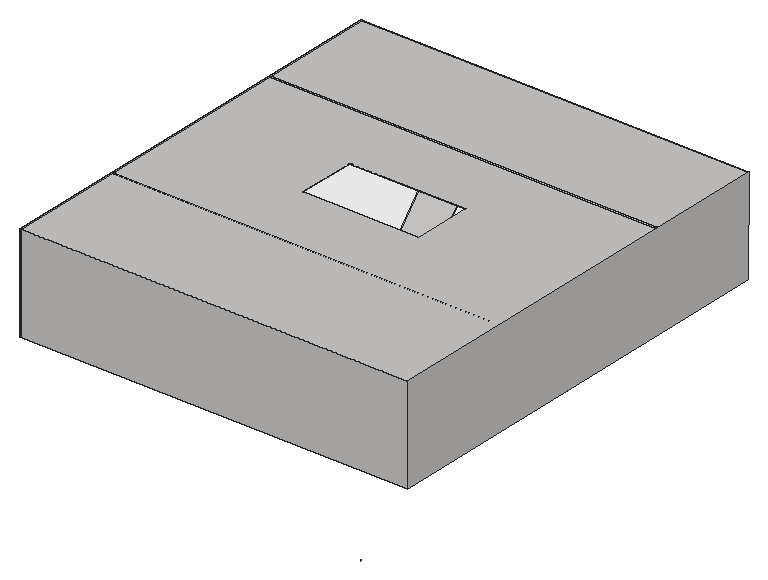
Revit family "QF_ELECTROLUXPROFESSIONAL_642043_EC2220T", category Specialty Equipment, Revit 2014
Reference planes
  plane 1: z = 0
  plane 2 "Center (Left/Right)": x = 150
  plane 3 "LEFT": x = -850
  plane 4 "RIGHT": x = 1150
  plane 5 "BACK": y = 550
  plane 6 "TOP": z = 2500
  plane 7 "Base": z = 2000
  plane 8: z = 1946
  plane 9: x = -847
  plane 10 "DrainX": x = 999
  plane 11 "AOLeft2": x = 450
  plane 12: x = 1147
  plane 13: x = -650
  plane 14: x = 950
  plane 15: x = 50
  plane 16: x = 250
  plane 17 "AOLeft1": x = -150
  plane 18: y = -400
  plane 19: through (0, -127.846, 2402.468) normal (0, -0.753, 0.6581)
  plane 20: through (0, -972.152, 2402.468) normal (0, -0.753, -0.6581)
  plane 21: y = -700
  plane 22 "Center (Front/Back)": y = -550
  plane 23: y = -1650
Forms (mm)
  Extrusion 1, solid, material "QF_Finishes_Stainless Steel"
    sketch origin (-850, 0, 360) x (0, 1, 0) y (0, 0, 1)
      loop
        line (550, 1640) -> (550, 2140) -> (-1650, 2140) -> (-1650, 1640) -> (550, 1640)
    from 0 to 3
  Extrusion 2, solid, material "QF_Finishes_Stainless Steel"
    sketch origin (1150, 0, 360) x (0, 1, 0) y (0, 0, 1)
      loop
        line (550, 1640) -> (550, 2140) -> (-1650, 2140) -> (-1650, 1640) -> (550, 1640)
    from 0 to -3
  Extrusion 3, solid, material "QF_Finishes_Stainless Steel"
    sketch origin (150, 0, 360) x (0, 1, 0) y (0, 0, 1)
      loop
        line (-1650, 2140) -> (-1650, 1640) -> (-1640, 1640) -> (-1640, 1640.8) -> (-1649.2, 1640.8) -> (-1649.2, 2139.19) -> (549.2, 2139.19) -> (549.2, 1640.8) -> (540, 1640.8) -> (540, 1640) -> (550, 1640) -> (550, 2140) -> (-1650, 2140)
    from -1000 to 1000
  Extrusion 4, void
    sketch origin (0, 0, 2500) x (0, 1, 0) y (-1, 0, 0)
      loop
        line (-400, -450) -> (-400, 150) -> (-700, 150) -> (-700, -450) -> (-400, -450)
    from 0 to -10
  Extrusion 5, solid, material "QF_Finishes_Stainless Steel"
    sketch origin (0, 0, 0) x (1, 0, 0) y (0, 1, 0)
      loop
        line (-850, 550) -> (-850, 549) -> (-849, 549) -> (-849, 550) -> (-850, 550)
    from 0 to 1
  Extrusion 6, solid, material "QF_Finishes_Stainless Steel"
    sketch origin (150, -400, 360) x (0, 1, 0) y (0, 0, 1)
      loop
        line (-79.471, 1685.734) -> (-56.882, 1665.992) -> (272.154, 2042.468) -> (249.566, 2062.21) -> (-79.471, 1685.734)
      loop
        line (-572.152, 2042.468) -> (-243.115, 1665.992) -> (-220.526, 1685.734) -> (-549.563, 2062.21) -> (-572.152, 2042.468)
    from -800 to -997
  Extrusion 7, solid, material "QF_Finishes_Stainless Steel"
    sketch origin (150, -400, 360) x (0, 1, 0) y (0, 0, 1)
      loop
        line (360.354, 2141.454) -> (357.903, 2143.511) -> (264.331, 2031.996) -> (266.169, 2030.453) -> (357.41, 2139.19) -> (358.454, 2139.19) -> (360.354, 2141.454)
      loop
        line (-560.354, 2022.279) -> (-557.903, 2024.336) -> (-564.331, 2031.996) -> (-566.169, 2030.453) -> (-657.41, 2139.19) -> (-658.454, 2139.19) -> (-560.354, 2022.279)
      loop
        arc (-83.944, 1704.554) -> (-84.545, 1704.706) -> (-85.077, 1704.389) r 0.81
        line (-85.077, 1704.389) -> (-99.535, 1684.991) -> (-116.611, 1687.002) -> (-113.609, 1712.615) -> (-114.407, 1712.708) -> (-117.406, 1687.095)
        arc (-117.406, 1687.095) -> (-117.237, 1686.499) -> (-116.695, 1686.197) r 0.81
        line (-116.695, 1686.197) -> (-99.628, 1684.196)
        arc (-99.628, 1684.196) -> (-99.213, 1684.257) -> (-98.884, 1684.517) r 0.81
        line (-98.884, 1684.517) -> (-84.436, 1703.911) -> (-73.692, 1695.919) -> (-99.855, 1660.79) -> (-200.145, 1660.79) -> (-226.308, 1695.919) -> (-215.564, 1703.911) -> (-201.116, 1684.517)
        arc (-201.116, 1684.517) -> (-200.787, 1684.257) -> (-200.372, 1684.196) r 0.81
        line (-200.372, 1684.196) -> (-183.305, 1686.197)
        arc (-183.305, 1686.197) -> (-182.763, 1686.499) -> (-182.594, 1687.095) r 0.81
        line (-182.594, 1687.095) -> (-185.593, 1712.708) -> (-186.391, 1712.615) -> (-183.389, 1687.002) -> (-200.465, 1684.991) -> (-214.923, 1704.389)
        arc (-214.923, 1704.389) -> (-215.455, 1704.706) -> (-216.056, 1704.554) r 0.81
        line (-216.056, 1704.554) -> (-226.786, 1696.561)
        arc (-226.786, 1696.561) -> (-227.103, 1696.028) -> (-226.951, 1695.427) r 0.81
        line (-226.951, 1695.427) -> (-200.843, 1660.381)
        arc (-200.843, 1660.381) -> (-200.5, 1660.093) -> (-200.063, 1659.99) r 0.972
        line (-200.063, 1659.99) -> (-99.951, 1659.99)
        arc (-99.951, 1659.99) -> (-99.502, 1660.096) -> (-99.149, 1660.393) r 1
        line (-99.149, 1660.393) -> (-73.049, 1695.427)
        arc (-73.049, 1695.427) -> (-72.897, 1696.028) -> (-73.214, 1696.561) r 0.81
        line (-73.214, 1696.561) -> (-83.944, 1704.554)
    from -997 to 997
  Extrusion 8, solid, material "QF_Finishes_Stainless Steel"
    sketch origin (150, -400, 360) x (0, 1, 0) y (0, 0, 1)
      loop
        line (272.154, 2042.468) -> (249.566, 2062.21) -> (-79.471, 1685.734) -> (-56.882, 1665.992) -> (272.154, 2042.468)
      loop
        line (-572.154, 2042.468) -> (-243.118, 1665.992) -> (-220.529, 1685.734) -> (-549.566, 2062.21) -> (-572.154, 2042.468)
    from 997 to 800
  Extrusion 9, solid, material "QF_Finishes_Stainless Steel"
    sketch origin (150, -400, 360) x (0, 1, 0) y (0, 0, 1)
      loop
        line (272.154, 2042.468) -> (249.566, 2062.21) -> (-79.471, 1685.734) -> (-56.882, 1665.992) -> (272.154, 2042.468)
      loop
        line (-572.154, 2042.468) -> (-243.118, 1665.992) -> (-220.529, 1685.734) -> (-549.566, 2062.21) -> (-572.154, 2042.468)
    from -100 to 100
  Extrusion 10, solid, material "QF_Finished_Chrome"
    sketch origin (150, -400, 360) x (0, 1, 0) y (0, 0, 1)
      loop
        line (249.566, 2062.21) -> (-79.471, 1685.734) -> (-56.882, 1665.992) -> (272.154, 2042.468) -> (249.566, 2062.21)
      loop
        line (-549.566, 2062.21) -> (-572.154, 2042.468) -> (-243.118, 1665.992) -> (-220.529, 1685.734) -> (-549.566, 2062.21)
    from -800 to -100
  Extrusion 11, solid, material "QF_Finished_Chrome"
    sketch origin (150, -400, 360) x (0, 1, 0) y (0, 0, 1)
      loop
        line (272.154, 2042.468) -> (249.566, 2062.21) -> (-79.471, 1685.734) -> (-56.882, 1665.992) -> (272.154, 2042.468)
      loop
        line (-572.154, 2042.468) -> (-243.118, 1665.992) -> (-220.529, 1685.734) -> (-549.566, 2062.21) -> (-572.154, 2042.468)
    from 100 to 800
  Sweep 12, solid, material "QF_Finishes_Stainless Steel"
    path origin (0, 0, 0) x (1, 0, 0) y (0, 1, 0)
      loop
        line (1150, 550) -> (-850, 550) -> (-850, -1650) -> (1150, -1650) -> (1150, 550)
    profile origin (1150, -550, 0) x (1, 0, 0) y (0, 0, 1)
      loop
        line (-3, 2000) -> (-3, 2000.8) -> (-19, 2000.8) -> (-19, 2010) -> (-20, 2010) -> (-20, 2000) -> (-3, 2000)
  Extrusion 13, solid, material "QF_Finishes_Stainless Steel"
    sketch origin (999, 0, 0) x (0, 1, 0) y (0, 0, 1)
      loop
        arc (-518.5, 1946) -> (-511.429, 1948.929) -> (-508.5, 1956) r 10
        line (-508.5, 1956) -> (-508.5, 2000.8) -> (-591.5, 2000.8) -> (-591.5, 1956)
        arc (-591.5, 1956) -> (-588.571, 1948.929) -> (-581.5, 1946) r 10
        line (-581.5, 1946) -> (-518.5, 1946)
    from -90 to 90
  Extrusion 14, solid, material "QF_Finishes_Stainless Steel"
    sketch origin (0, -1100, 2000) x (0, 1, 0) y (-1, 0, 0)
      loop
        circle (550, -999) r 6.35
    from -3.799 to 0
Cuts and joins
  Extrusion 4 cuts Extrusion 3
  joined: Extrusion 2, Extrusion 3, Sweep 12
Lines and regions (mm)
  symbolic lines, style "SpecialityEquipment", detail levels coarse
    curve 1: line (1150, 550, 2500) -> (-850, 550, 2500)
    curve 2: line (-850, 550, 2500) -> (-850, -1640, 2500)
    curve 3: line (1150, -1650, 2500) -> (1150, 550, 2500)
    curve 4: line (-850, 550, 0) -> (1150, -1650, 0)
    curve 5: line (1150, 550, 0) -> (-847, -1650, 0)
  symbolic lines, detail levels coarse
    curve 6: line (-847, -1650, 0) -> (1150, -1650, 0)
    curve 7: line (-150, -700, 0) -> (450, -700, 0)
    curve 8: line (-150, -400, 0) -> (-150, -700, 0)
    curve 9: line (450, -400, 0) -> (-150, -400, 0)
    curve 10: line (450, -700, 0) -> (450, -400, 0)
Dimensions and locks
  plane 3 "LEFT" to plane 4 "RIGHT" = 2000 mm
  equal spacing: plane 3 "LEFT", plane 2 "Center (Left/Right)", plane 4 "RIGHT"
  plane 3 "LEFT" to plane 9 = 3 mm
  plane 10 "DrainX" to plane 4 "RIGHT" = 151 mm
  plane 12 to plane 4 "RIGHT" = 3 mm
  plane 3 "LEFT" to plane 13 = 200 mm
  plane 14 to plane 4 "RIGHT" = 200 mm
  locked: plane 7 "Base" to level at 2000
  locked: plane 15 to plane 16 at 200
  equal spacing: plane 15, plane 2 "Center (Left/Right)", plane 16
  locked: plane 17 "AOLeft1" to plane 11 "AOLeft2" at 600
  plane 7 "Base" to plane 8 = 54 mm
  locked: plane 6 "TOP" to plane 7 "Base" at 500
  plane 5 "BACK" to plane 23 = 2200 mm  (x2)
  equal spacing: plane 5 "BACK", plane 22 "Center (Front/Back)", plane 23
  plane 21 to plane 18 = 300 mm
  equal spacing: plane 21, plane 22 "Center (Front/Back)", plane 18
  equal spacing: plane 17 "AOLeft1", plane 2 "Center (Left/Right)", plane 11 "AOLeft2"
  aligned and locked: level to plane 1
  aligned and locked: plane 4 "RIGHT" to Extrusion 3
  aligned and locked: Extrusion 3 to plane 3 "LEFT"
  aligned and locked: Extrusion 6 to plane 9
  aligned and locked: plane 13 to Extrusion 6
  aligned and locked: Extrusion 2 to plane 12
  aligned and locked: plane 12 to Extrusion 8
  aligned and locked: plane 14 to Extrusion 8
  aligned and locked: plane 16 to Extrusion 9
  aligned and locked: Extrusion 9 to plane 15
  aligned and locked: plane 15 to Extrusion 10
  aligned and locked: Extrusion 10 to plane 13
  aligned and locked: Extrusion 11 to plane 16
  aligned and locked: Extrusion 11 to plane 14
  aligned and locked: Extrusion 7 to plane 9
  aligned and locked: Extrusion 7 to plane 12
  aligned and locked: Extrusion 4 to plane 17 "AOLeft1"
  aligned and locked: Extrusion 4 to plane 11 "AOLeft2"
  aligned and locked: plane 21 to Extrusion 4
  aligned and locked: plane 18 to Extrusion 4
  aligned and locked: curve 7 to Extrusion 4
  aligned and locked: curve 8 to Extrusion 4
  aligned and locked: curve 9 to Extrusion 4
  aligned and locked: curve 10 to Extrusion 4
Automatic sketch dimensions
  Extrusion 1 sketch curve to plane 7 "Base" = 0 mm
  Extrusion 1 sketch curve to plane 5 "BACK" = 0 mm
  Extrusion 1 sketch curve to plane 6 "TOP" = 0 mm
  Extrusion 2 sketch curve to plane 7 "Base" = 0 mm
  Extrusion 2 sketch curve to plane 5 "BACK" = 0 mm
  Extrusion 2 sketch curve to plane 6 "TOP" = 0 mm
  Extrusion 3 sketch curve to plane 6 "TOP" = 0 mm
  Extrusion 3 sketch curve to plane 7 "Base" = 0 mm  (x2)
  Extrusion 3 sketch curve to plane 5 "BACK" = 0 mm
  Extrusion 3 sketch curve to Extrusion 3 sketch curve = 9.2 mm
  plane 7 "Base" to Extrusion 3 sketch curve = 0.8 mm  (x2)
  Extrusion 3 sketch curve to plane 5 "BACK" = 10 mm
  Extrusion 3 sketch curve to plane 5 "BACK" = 0.8 mm
  Extrusion 3 sketch curve to plane 6 "TOP" = 0.81 mm
  Extrusion 4 sketch curve to plane 11 "AOLeft2" = 0 mm
  Extrusion 4 sketch curve to plane 17 "AOLeft1" = 0 mm
  Extrusion 5 sketch curve to plane 3 "LEFT" = 0 mm
  Extrusion 5 sketch curve to plane 5 "BACK" = 0 mm
  plane 3 "LEFT" to Extrusion 5 sketch curve = 1 mm
  Extrusion 5 sketch curve to Extrusion 5 sketch curve = 1 mm
  Sweep 12 sketch curve to plane 3 "LEFT" = 0 mm
  Sweep 12 sketch curve to plane 4 "RIGHT" = 0 mm
  Sweep 12 sketch curve to plane 5 "BACK" = 0 mm
  profile plane to Sweep 12 sketch curve = 20 mm
  Sweep 12 sketch curve to Sweep 12 sketch curve = 1 mm
  profile plane to Sweep 12 sketch curve = 3 mm
  level to Sweep 12 sketch curve = 2000 mm
  Sweep 12 sketch curve to Sweep 12 sketch curve = 0.8 mm
  Sweep 12 sketch curve to Sweep 12 sketch curve = 9.2 mm
  Extrusion 3 sketch curve to Extrusion 3 sketch curve = 0.8 mm
  Extrusion 6 sketch curve to plane 19 = 0 mm  (x2)
  Extrusion 6 sketch curve to plane 6 "TOP" = 77.79 mm  (x2)
  plane 7 "Base" to Extrusion 6 sketch curve = 25.992 mm  (x2)
  plane 7 "Base" to Extrusion 6 sketch curve = 45.734 mm
  Extrusion 6 sketch curve to plane 20 = 0 mm
  plane 20 to Extrusion 6 sketch curve = 0 mm
  Extrusion 10 sketch curve to plane 19 = 0 mm  (x2)
  Extrusion 10 sketch curve to plane 6 "TOP" = 77.79 mm  (x2)
  Extrusion 10 sketch curve to Extrusion 10 sketch curve = 22.589 mm
  plane 7 "Base" to Extrusion 10 sketch curve = 25.992 mm  (x2)
  Extrusion 9 sketch curve to plane 19 = 0 mm  (x2)
  Extrusion 9 sketch curve to plane 6 "TOP" = 77.79 mm  (x2)
  Extrusion 9 sketch curve to Extrusion 9 sketch curve = 22.589 mm
  plane 7 "Base" to Extrusion 9 sketch curve = 25.992 mm  (x2)
  Extrusion 11 sketch curve to plane 19 = 0 mm  (x2)
  Extrusion 11 sketch curve to plane 6 "TOP" = 77.79 mm  (x2)
  Extrusion 11 sketch curve to Extrusion 11 sketch curve = 22.589 mm
  plane 7 "Base" to Extrusion 11 sketch curve = 25.992 mm  (x2)
  Extrusion 8 sketch curve to plane 19 = 0 mm  (x2)
  Extrusion 8 sketch curve to plane 6 "TOP" = 77.79 mm  (x2)
  Extrusion 8 sketch curve to Extrusion 8 sketch curve = 22.589 mm
  plane 7 "Base" to Extrusion 8 sketch curve = 25.992 mm  (x2)
  plane 7 "Base" to Extrusion 8 sketch curve = 45.734 mm
  plane 7 "Base" to Extrusion 9 sketch curve = 45.734 mm
  plane 7 "Base" to Extrusion 10 sketch curve = 45.734 mm
  plane 7 "Base" to Extrusion 11 sketch curve = 45.734 mm
  plane 21 to Extrusion 1 sketch curve = 950 mm
  plane 21 to Extrusion 2 sketch curve = 950 mm
  plane 21 to Extrusion 3 sketch curve = 940 mm
  plane 21 to Sweep 12 sketch curve = 950 mm
  plane 21 to Extrusion 4 sketch curve = 0 mm
  Extrusion 4 sketch curve to plane 18 = 0 mm
  plane 21 to Extrusion 6 sketch curve = 249.563 mm
  Extrusion 8 sketch curve to plane 21 = 79.471 mm
  plane 21 to Extrusion 8 sketch curve = 249.566 mm
  Extrusion 9 sketch curve to plane 21 = 79.471 mm
  plane 21 to Extrusion 9 sketch curve = 249.566 mm
  Extrusion 10 sketch curve to plane 21 = 79.471 mm
  plane 21 to Extrusion 10 sketch curve = 249.566 mm
  Extrusion 11 sketch curve to plane 21 = 79.471 mm
  plane 21 to Extrusion 11 sketch curve = 249.566 mm
  Extrusion 14 sketch curve to plane 10 "DrainX" = 0 mm
  Extrusion 14 sketch curve to plane 22 "Center (Front/Back)" = 0 mm
  Extrusion 13 sketch curve to plane 8 = 0 mm
  plane 8 to Extrusion 13 sketch curve = 10 mm
  Extrusion 13 sketch curve to plane 22 "Center (Front/Back)" = 41.5 mm
  plane 22 "Center (Front/Back)" to Extrusion 13 sketch curve = 31.5 mm
  plane 7 "Base" to Extrusion 13 sketch curve = 0.8 mm
  plane 22 "Center (Front/Back)" to Extrusion 13 sketch curve = 41.5 mm
  Extrusion 7 sketch curve to plane 6 "TOP" = 0.81 mm  (x2)
  plane 21 to Extrusion 7 sketch curve = 358.454 mm
  Extrusion 7 sketch curve to Extrusion 7 sketch curve = 1.044 mm  (x2)
  Extrusion 7 sketch curve to plane 6 "TOP" = 109.547 mm  (x2)
  Extrusion 7 sketch curve to Extrusion 7 sketch curve = 91.241 mm
  Extrusion 7 sketch curve to plane 6 "TOP" = 108.004 mm  (x2)
  Extrusion 7 sketch curve to plane 6 "TOP" = 117.721 mm
  Extrusion 7 sketch curve to plane 21 = 73.049 mm
  Extrusion 7 sketch curve to Extrusion 7 sketch curve = 0.166 mm
  Extrusion 7 sketch curve to Extrusion 7 sketch curve = 0.478 mm  (x4)
  Extrusion 7 sketch curve to Extrusion 7 sketch curve = 0.006 mm  (x4)
  Extrusion 7 sketch curve to Extrusion 7 sketch curve = 10.73 mm  (x2)
  Extrusion 7 sketch curve to Extrusion 7 sketch curve = 0.484 mm  (x4)
  Extrusion 7 sketch curve to Extrusion 7 sketch curve = 0.008 mm  (x4)
  Extrusion 7 sketch curve to Extrusion 7 sketch curve = 0.641 mm  (x2)
  Extrusion 7 sketch curve to Extrusion 7 sketch curve = 14.448 mm
  plane 7 "Base" to Extrusion 7 sketch curve = 20.381 mm
  Extrusion 7 sketch curve to Extrusion 7 sketch curve = 0.273 mm
  Extrusion 7 sketch curve to Extrusion 7 sketch curve = 0.65 mm  (x2)
  Extrusion 7 sketch curve to Extrusion 7 sketch curve = 0.001 mm  (x4)
  Extrusion 7 sketch curve to Extrusion 7 sketch curve = 0.093 mm  (x2)
  plane 7 "Base" to Extrusion 7 sketch curve = 20.79 mm
  Extrusion 7 sketch curve to Extrusion 7 sketch curve = 0.698 mm
  Extrusion 7 sketch curve to Extrusion 7 sketch curve = 0.081 mm
  Extrusion 7 sketch curve to Extrusion 7 sketch curve = 28.531 mm
  Extrusion 7 sketch curve to Extrusion 7 sketch curve = 0.799 mm  (x2)
  Extrusion 7 sketch curve to Extrusion 7 sketch curve = 17.067 mm  (x2)
  Extrusion 7 sketch curve to Extrusion 7 sketch curve = 0.01 mm  (x4)
  Extrusion 7 sketch curve to Extrusion 7 sketch curve = 0.094 mm
  Extrusion 7 sketch curve to Extrusion 7 sketch curve = 0.795 mm  (x2)
  plane 22 "Center (Front/Back)" to Extrusion 7 sketch curve = 32.594 mm
  Extrusion 7 sketch curve to Extrusion 7 sketch curve = 0.71 mm
  Extrusion 7 sketch curve to Extrusion 7 sketch curve = 2.998 mm
  Extrusion 7 sketch curve to Extrusion 7 sketch curve = 16.745 mm
  Extrusion 7 sketch curve to Extrusion 7 sketch curve = 0.095 mm
  plane 7 "Base" to Extrusion 7 sketch curve = 20.393 mm
  Extrusion 7 sketch curve to Extrusion 7 sketch curve = 0.707 mm
  Extrusion 7 sketch curve to Extrusion 7 sketch curve = 0.651 mm
  Extrusion 7 sketch curve to Extrusion 7 sketch curve = 14.456 mm
  plane 18 to Extrusion 7 sketch curve = 264.331 mm
  plane 6 "TOP" to Extrusion 7 sketch curve = 3.511 mm
  Extrusion 7 sketch curve to Extrusion 7 sketch curve = 0.8 mm
  Extrusion 7 sketch curve to Extrusion 7 sketch curve = 23.206 mm
  Extrusion 7 sketch curve to Extrusion 7 sketch curve = 23.234 mm
  Extrusion 7 sketch curve to Extrusion 7 sketch curve = 0.321 mm  (x2)
  Extrusion 7 sketch curve to Extrusion 7 sketch curve = 2.001 mm  (x2)
  Extrusion 7 sketch curve to Extrusion 7 sketch curve = 0.804 mm  (x2)
  Extrusion 7 sketch curve to Extrusion 7 sketch curve = 10.911 mm  (x2)
  Extrusion 7 sketch curve to Extrusion 7 sketch curve = 7.993 mm  (x2)
  Extrusion 7 sketch curve to Extrusion 7 sketch curve = 25.613 mm  (x2)
  Extrusion 7 sketch curve to Extrusion 7 sketch curve = 1.839 mm
  curve 4 to plane 3 "LEFT" = 0 mm
  curve 6 to plane 9 = 0 mm
  curve 6 to plane 4 "RIGHT" = 0 mm
  curve 5 to plane 4 "RIGHT" = 0 mm
  curve 4 to plane 23 = 0 mm
  curve 4 to plane 5 "BACK" = 0 mm
  curve 5 to plane 5 "BACK" = 0 mm
  curve 3 to plane 4 "RIGHT" = 0 mm
  curve 3 to plane 23 = 0 mm
  curve 2 to plane 3 "LEFT" = 0 mm
  curve 2 to plane 5 "BACK" = 0 mm
  plane 23 to curve 2 = 10 mm
  radius of Extrusion 14 sketch curve = 6.35 mm
Connectors
  hvac at (150, -550, 2500)
    settings: on Extrusion 4, index 2, duct flow 0.0 L/s, flow factor 0, pres drop 0.0 Pa, loss coef 0, conn angle 0.00°, conn width 300 mm, conn height 600 mm, conn diameter 609.6 mm, duct sys type 3, conn prof type 1, flow config 1, flow direction 2, loss method 0, conn ref index -1, conn util no, is conn primary yes, conn desc "EXHAUST OUTLET"
  piping at (999, -550, 1996.201), diameter 12.7
    settings: on Extrusion 14, index 4, connector inside diameter 609.6 mm, connector length 0 mm, flow factor 0, pipe flow 0.0 L/s, pressure drop 0.0 Pa, fitting loss kfactor 0, connector angle 0.00°, fixture units 0, engagement length 0 mm, angle of deflection 0.00°, flow configuration 1, flow direction 2, fitting loss method 0, system type 16, joint type 0, gender type 0, connector reference index -1, connector utility 0, adjustable connector no, is connector primary yes, connector description "Drain"
